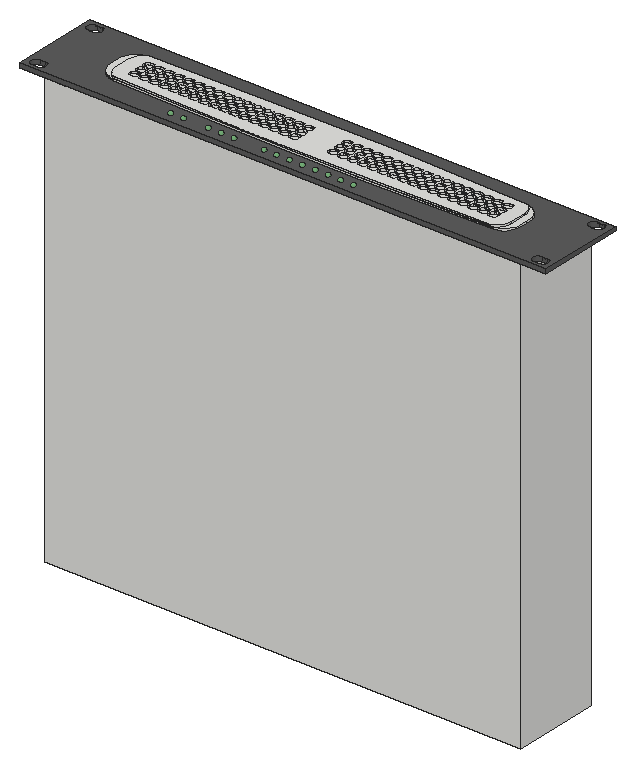
Revit family "Electronics_Amplifiers_Biamp_Vocia_Networked_VA-4300CV___", category Communication Devices, host Face, Revit 2020 (continued)
Forms (in)
  Extrusion 2, solid, material "Biamp - Metal - Silver" <- "Housing Material", detail levels medium+fine
    sketch origin (10.03141, -1.75, -6.93265) x (1, 0, 0) y (0, 1, 0)
      loop
        line (6.75512, 1.72508) -> (6.83383, 1.72508)
        arc (6.83383, 1.72508) -> (6.9326, 1.76599) -> (6.97351, 1.86476) r 0.13968
        line (6.97351, 1.86476) -> (6.97351, 1.90574)
        arc (6.97351, 1.90574) -> (6.93442, 2.00013) -> (6.84003, 2.03922) r 0.13348
        line (6.84003, 2.03922) -> (6.74892, 2.03922)
        arc (6.74892, 2.03922) -> (6.65454, 2.00013) -> (6.61544, 1.90574) r 0.13348
      loop
        line (7.01544, 1.90574) -> (7.01544, 1.86476)
        arc (7.01544, 1.86476) -> (7.05635, 1.76599) -> (7.15512, 1.72508) r 0.13968
        line (7.15512, 1.72508) -> (7.23383, 1.72508)
        arc (7.23383, 1.72508) -> (7.3326, 1.76599) -> (7.37351, 1.86476) r 0.13968
        line (7.37351, 1.86476) -> (7.37351, 1.90574)
        arc (7.37351, 1.90574) -> (7.33442, 2.00013) -> (7.24003, 2.03922) r 0.13348
        line (7.24003, 2.03922) -> (7.14892, 2.03922)
        arc (7.14892, 2.03922) -> (7.05454, 2.00013) -> (7.01544, 1.90574) r 0.13348
      loop
        line (0.61544, 1.55574) -> (0.61544, 1.51476)
        arc (0.61544, 1.51476) -> (0.65635, 1.41599) -> (0.75512, 1.37508) r 0.13968
        line (0.75512, 1.37508) -> (0.83383, 1.37508)
        arc (0.83383, 1.37508) -> (0.9326, 1.41599) -> (0.97351, 1.51476) r 0.13968
        line (0.97351, 1.51476) -> (0.97351, 1.55574)
        arc (0.97351, 1.55574) -> (0.93442, 1.65013) -> (0.84003, 1.68922) r 0.13348
        line (0.84003, 1.68922) -> (0.74892, 1.68922)
        arc (0.74892, 1.68922) -> (0.65454, 1.65013) -> (0.61544, 1.55574) r 0.13348
      loop
        line (1.01544, 1.55574) -> (1.01544, 1.51476)
        arc (1.01544, 1.51476) -> (1.05635, 1.41599) -> (1.15512, 1.37508) r 0.13968
        line (1.15512, 1.37508) -> (1.23383, 1.37508)
        arc (1.23383, 1.37508) -> (1.3326, 1.41599) -> (1.37351, 1.51476) r 0.13968
        line (1.37351, 1.51476) -> (1.37351, 1.55574)
        arc (1.37351, 1.55574) -> (1.33442, 1.65013) -> (1.24003, 1.68922) r 0.13348
        line (1.24003, 1.68922) -> (1.14892, 1.68922)
        arc (1.14892, 1.68922) -> (1.05454, 1.65013) -> (1.01544, 1.55574) r 0.13348
      loop
        line (1.41544, 1.55574) -> (1.41544, 1.51476)
        arc (1.41544, 1.51476) -> (1.45635, 1.41599) -> (1.55512, 1.37508) r 0.13968
        line (1.55512, 1.37508) -> (1.63383, 1.37508)
        arc (1.63383, 1.37508) -> (1.7326, 1.41599) -> (1.77351, 1.51476) r 0.13968
        line (1.77351, 1.51476) -> (1.77351, 1.55574)
        arc (1.77351, 1.55574) -> (1.73442, 1.65013) -> (1.64003, 1.68922) r 0.13348
        line (1.64003, 1.68922) -> (1.54892, 1.68922)
        arc (1.54892, 1.68922) -> (1.45454, 1.65013) -> (1.41544, 1.55574) r 0.13348
      loop
        line (1.81544, 1.55574) -> (1.81544, 1.51476)
        arc (1.81544, 1.51476) -> (1.85635, 1.41599) -> (1.95512, 1.37508) r 0.13968
        line (1.95512, 1.37508) -> (2.03383, 1.37508)
        arc (2.03383, 1.37508) -> (2.1326, 1.41599) -> (2.17351, 1.51476) r 0.13968
        line (2.17351, 1.51476) -> (2.17351, 1.55574)
        arc (2.17351, 1.55574) -> (2.13442, 1.65013) -> (2.04003, 1.68922) r 0.13348
        line (2.04003, 1.68922) -> (1.94892, 1.68922)
        arc (1.94892, 1.68922) -> (1.85454, 1.65013) -> (1.81544, 1.55574) r 0.13348
      loop
        line (2.21544, 1.55574) -> (2.21544, 1.51476)
        arc (2.21544, 1.51476) -> (2.25635, 1.41599) -> (2.35512, 1.37508) r 0.13968
        line (2.35512, 1.37508) -> (2.43383, 1.37508)
        arc (2.43383, 1.37508) -> (2.5326, 1.41599) -> (2.57351, 1.51476) r 0.13968
        line (2.57351, 1.51476) -> (2.57351, 1.55574)
        arc (2.57351, 1.55574) -> (2.53442, 1.65013) -> (2.44003, 1.68922) r 0.13348
        line (2.44003, 1.68922) -> (2.34892, 1.68922)
        arc (2.34892, 1.68922) -> (2.25454, 1.65013) -> (2.21544, 1.55574) r 0.13348
      loop
        line (2.61544, 1.55574) -> (2.61544, 1.51476)
        arc (2.61544, 1.51476) -> (2.65635, 1.41599) -> (2.75512, 1.37508) r 0.13968
        line (2.75512, 1.37508) -> (2.83383, 1.37508)
        arc (2.83383, 1.37508) -> (2.9326, 1.41599) -> (2.97351, 1.51476) r 0.13968
        line (2.97351, 1.51476) -> (2.97351, 1.55574)
        arc (2.97351, 1.55574) -> (2.93442, 1.65013) -> (2.84003, 1.68922) r 0.13348
        line (2.84003, 1.68922) -> (2.74892, 1.68922)
        arc (2.74892, 1.68922) -> (2.65454, 1.65013) -> (2.61544, 1.55574) r 0.13348
      loop
        line (3.01544, 1.55574) -> (3.01544, 1.51476)
        arc (3.01544, 1.51476) -> (3.05635, 1.41599) -> (3.15512, 1.37508) r 0.13968
        line (3.15512, 1.37508) -> (3.23383, 1.37508)
        arc (3.23383, 1.37508) -> (3.3326, 1.41599) -> (3.37351, 1.51476) r 0.13968
        line (3.37351, 1.51476) -> (3.37351, 1.55574)
        arc (3.37351, 1.55574) -> (3.33442, 1.65013) -> (3.24003, 1.68922) r 0.13348
        line (3.24003, 1.68922) -> (3.14892, 1.68922)
        arc (3.14892, 1.68922) -> (3.05454, 1.65013) -> (3.01544, 1.55574) r 0.13348
      loop
        line (3.41544, 1.55574) -> (3.41544, 1.51476)
        arc (3.41544, 1.51476) -> (3.45635, 1.41599) -> (3.55512, 1.37508) r 0.13968
        line (3.55512, 1.37508) -> (3.63383, 1.37508)
        arc (3.63383, 1.37508) -> (3.7326, 1.41599) -> (3.77351, 1.51476) r 0.13968
        line (3.77351, 1.51476) -> (3.77351, 1.55574)
        arc (3.77351, 1.55574) -> (3.73442, 1.65013) -> (3.64003, 1.68922) r 0.13348
        line (3.64003, 1.68922) -> (3.54892, 1.68922)
        arc (3.54892, 1.68922) -> (3.45454, 1.65013) -> (3.41544, 1.55574) r 0.13348
      loop
        line (3.81544, 1.55574) -> (3.81544, 1.51476)
        arc (3.81544, 1.51476) -> (3.85635, 1.41599) -> (3.95512, 1.37508) r 0.13968
        line (3.95512, 1.37508) -> (4.03383, 1.37508)
        arc (4.03383, 1.37508) -> (4.1326, 1.41599) -> (4.17351, 1.51476) r 0.13968
        line (4.17351, 1.51476) -> (4.17351, 1.55574)
        arc (4.17351, 1.55574) -> (4.13442, 1.65013) -> (4.04003, 1.68922) r 0.13348
        line (4.04003, 1.68922) -> (3.94892, 1.68922)
        arc (3.94892, 1.68922) -> (3.85454, 1.65013) -> (3.81544, 1.55574) r 0.13348
      loop
        line (4.21544, 1.55574) -> (4.21544, 1.51476)
        arc (4.21544, 1.51476) -> (4.25635, 1.41599) -> (4.35512, 1.37508) r 0.13968
        line (4.35512, 1.37508) -> (4.43383, 1.37508)
        arc (4.43383, 1.37508) -> (4.5326, 1.41599) -> (4.57351, 1.51476) r 0.13968
        line (4.57351, 1.51476) -> (4.57351, 1.55574)
        arc (4.57351, 1.55574) -> (4.53442, 1.65013) -> (4.44003, 1.68922) r 0.13348
        line (4.44003, 1.68922) -> (4.34892, 1.68922)
        arc (4.34892, 1.68922) -> (4.25454, 1.65013) -> (4.21544, 1.55574) r 0.13348
      loop
        line (4.61544, 1.55574) -> (4.61544, 1.51476)
        arc (4.61544, 1.51476) -> (4.65635, 1.41599) -> (4.75512, 1.37508) r 0.13968
        line (4.75512, 1.37508) -> (4.83383, 1.37508)
        arc (4.83383, 1.37508) -> (4.9326, 1.41599) -> (4.97351, 1.51476) r 0.13968
        line (4.97351, 1.51476) -> (4.97351, 1.55574)
        arc (4.97351, 1.55574) -> (4.93442, 1.65013) -> (4.84003, 1.68922) r 0.13348
        line (4.84003, 1.68922) -> (4.74892, 1.68922)
        arc (4.74892, 1.68922) -> (4.65454, 1.65013) -> (4.61544, 1.55574) r 0.13348
      loop
        line (5.01544, 1.55574) -> (5.01544, 1.51476)
        arc (5.01544, 1.51476) -> (5.05635, 1.41599) -> (5.15512, 1.37508) r 0.13968
        line (5.15512, 1.37508) -> (5.23383, 1.37508)
        arc (5.23383, 1.37508) -> (5.3326, 1.41599) -> (5.37351, 1.51476) r 0.13968
        line (5.37351, 1.51476) -> (5.37351, 1.55574)
        arc (5.37351, 1.55574) -> (5.33442, 1.65013) -> (5.24003, 1.68922) r 0.13348
        line (5.24003, 1.68922) -> (5.14892, 1.68922)
        arc (5.14892, 1.68922) -> (5.05454, 1.65013) -> (5.01544, 1.55574) r 0.13348
      loop
        line (5.41544, 1.55574) -> (5.41544, 1.51476)
        arc (5.41544, 1.51476) -> (5.45635, 1.41599) -> (5.55512, 1.37508) r 0.13968
        line (5.55512, 1.37508) -> (5.63383, 1.37508)
        arc (5.63383, 1.37508) -> (5.7326, 1.41599) -> (5.77351, 1.51476) r 0.13968
        line (5.77351, 1.51476) -> (5.77351, 1.55574)
        arc (5.77351, 1.55574) -> (5.73442, 1.65013) -> (5.64003, 1.68922) r 0.13348
        line (5.64003, 1.68922) -> (5.54892, 1.68922)
        arc (5.54892, 1.68922) -> (5.45454, 1.65013) -> (5.41544, 1.55574) r 0.13348
      loop
        line (5.81544, 1.55574) -> (5.81544, 1.51476)
        arc (5.81544, 1.51476) -> (5.85635, 1.41599) -> (5.95512, 1.37508) r 0.13968
        line (5.95512, 1.37508) -> (6.03383, 1.37508)
        arc (6.03383, 1.37508) -> (6.1326, 1.41599) -> (6.17351, 1.51476) r 0.13968
        line (6.17351, 1.51476) -> (6.17351, 1.55574)
        arc (6.17351, 1.55574) -> (6.13442, 1.65013) -> (6.04003, 1.68922) r 0.13348
        line (6.04003, 1.68922) -> (5.94892, 1.68922)
        arc (5.94892, 1.68922) -> (5.85454, 1.65013) -> (5.81544, 1.55574) r 0.13348
      loop
        line (6.21544, 1.55574) -> (6.21544, 1.51476)
        arc (6.21544, 1.51476) -> (6.25635, 1.41599) -> (6.35512, 1.37508) r 0.13968
        line (6.35512, 1.37508) -> (6.43383, 1.37508)
        arc (6.43383, 1.37508) -> (6.5326, 1.41599) -> (6.57351, 1.51476) r 0.13968
        line (6.57351, 1.51476) -> (6.57351, 1.55574)
        arc (6.57351, 1.55574) -> (6.53442, 1.65013) -> (6.44003, 1.68922) r 0.13348
        line (6.44003, 1.68922) -> (6.34892, 1.68922)
        arc (6.34892, 1.68922) -> (6.25454, 1.65013) -> (6.21544, 1.55574) r 0.13348
      loop
        line (6.61544, 1.55574) -> (6.61544, 1.51476)
        arc (6.61544, 1.51476) -> (6.65635, 1.41599) -> (6.75512, 1.37508) r 0.13968
        line (6.75512, 1.37508) -> (6.83383, 1.37508)
        arc (6.83383, 1.37508) -> (6.9326, 1.41599) -> (6.97351, 1.51476) r 0.13968
        line (6.97351, 1.51476) -> (6.97351, 1.55574)
        arc (6.97351, 1.55574) -> (6.93442, 1.65013) -> (6.84003, 1.68922) r 0.13348
        line (6.84003, 1.68922) -> (6.74892, 1.68922)
        arc (6.74892, 1.68922) -> (6.65454, 1.65013) -> (6.61544, 1.55574) r 0.13348
      loop
        line (7.01544, 1.55574) -> (7.01544, 1.51476)
        arc (7.01544, 1.51476) -> (7.05635, 1.41599) -> (7.15512, 1.37508) r 0.13968
        line (7.15512, 1.37508) -> (7.23383, 1.37508)
        arc (7.23383, 1.37508) -> (7.3326, 1.41599) -> (7.37351, 1.51476) r 0.13968
        line (7.37351, 1.51476) -> (7.37351, 1.55574)
        arc (7.37351, 1.55574) -> (7.33442, 1.65013) -> (7.24003, 1.68922) r 0.13348
        line (7.24003, 1.68922) -> (7.14892, 1.68922)
        arc (7.14892, 1.68922) -> (7.05454, 1.65013) -> (7.01544, 1.55574) r 0.13348
    from 7.16 to 7.21
  Extrusion 3, solid, material "Biamp - Metal - Silver" <- "Housing Material"
    sketch origin (10.03141, -1.75, -6.93265) x (1, 0, 0) y (0, 0, -1)
      loop
        line (-9.5, 10.40039) -> (-9.5, -6.93265) -> (9.5, -6.93265) -> (9.5, 10.40039) -> (-9.5, 10.40039)
    from 0 to 3.5
  Extrusion 4, void
    sketch origin (10.03141, -1.75, -6.93265) x (1, 0, 0) y (0, 1, 0)
      loop
        line (1.83252, 1.83425) -> (2.45752, 1.83425) -> (2.45752, 2.33425) -> (1.83252, 2.33425) -> (1.83252, 1.83425)
      loop
        line (1.17627, 1.83425) -> (1.80127, 1.83425) -> (1.80127, 2.33425) -> (1.17627, 2.33425) -> (1.17627, 1.83425)
      loop
        line (8.96366, 1.21315) -> (7.75037, 1.21315) -> (7.75037, 0.39198) -> (8.96366, 0.39198) -> (8.96366, 1.21315)
      loop
        line (8.96366, 2.90889) -> (8.12299, 2.90889) -> (8.12299, 2.33425) -> (8.96366, 2.33425) -> (8.96366, 2.90889)
      loop
        line (8.116, 2.90889) -> (7.27534, 2.90889) -> (7.27534, 2.33425) -> (8.116, 2.33425) -> (8.116, 2.90889)
      loop
        line (-0.92505, 1.83425) -> (-0.22636, 1.83425) -> (-0.22636, 2.24931) -> (-0.92505, 2.24931) -> (-0.92505, 1.83425)
      loop
        line (1.56863, 0.39198) -> (2.45911, 0.39198) -> (2.45911, 0.6651) -> (1.56863, 0.6651) -> (1.56863, 0.39198)
      loop
        line (-1.11684, 0.39198) -> (-0.22636, 0.39198) -> (-0.22636, 0.6651) -> (-1.11684, 0.6651) -> (-1.11684, 0.39198)
      loop
        line (-3.99184, 0.39198) -> (-3.10136, 0.39198) -> (-3.10136, 0.6651) -> (-3.99184, 0.6651) -> (-3.99184, 0.39198)
      loop
        line (-6.81996, 0.39198) -> (-5.92949, 0.39198) -> (-5.92949, 0.6651) -> (-6.81996, 0.6651) -> (-6.81996, 0.39198)
      loop
        line (-2.0342, 1.83425) -> (-2.0342, 2.12012) -> (-3.43366, 2.12012) -> (-3.43366, 1.83425) -> (-2.0342, 1.83425)
      loop
        line (-3.54792, 1.83425) -> (-3.54792, 2.12012) -> (-4.94737, 2.12012) -> (-4.94737, 1.83425) -> (-3.54792, 1.83425)
    from -10.40039 to -10.07797
  Extrusion 5, solid, material "Biamp - Metal - Black"
    sketch origin (10.03141, -1.75, -6.93265) x (1, 0, 0) y (0, 1, 0)
      loop
        line (10.5, 3.5) -> (-10.5, 3.5) -> (-10.5, 0) -> (10.5, 0) -> (10.5, 3.5)
    from 6.93304 to 7.09961
  Extrusion 6, void
    sketch origin (10.03141, -1.75, -6.93265) x (1, 0, 0) y (0, 1, 0)
      loop
        line (-9.92734, 3.35832) -> (-10.13549, 3.35832)
        arc (-10.13549, 3.35832) -> (-10.3376, 3.15621) -> (-10.13549, 2.95409) r 0.20212
        line (-10.13549, 2.95409) -> (-9.92734, 2.95409)
        arc (-9.92734, 2.95409) -> (-9.72522, 3.15621) -> (-9.92734, 3.35832) r 0.20212
      loop
        line (-9.92734, 0.54582) -> (-10.13549, 0.54582)
        arc (-10.13549, 0.54582) -> (-10.3376, 0.34371) -> (-10.13549, 0.14159) r 0.20212
        line (-10.13549, 0.14159) -> (-9.92734, 0.14159)
        arc (-9.92734, 0.14159) -> (-9.72522, 0.34371) -> (-9.92734, 0.54582) r 0.20212
      loop
        line (10.13458, 3.35788) -> (9.92643, 3.35788)
        arc (9.92643, 3.35788) -> (9.72431, 3.15576) -> (9.92643, 2.95365) r 0.20212
        line (9.92643, 2.95365) -> (10.13458, 2.95365)
        arc (10.13458, 2.95365) -> (10.33669, 3.15576) -> (10.13458, 3.35788) r 0.20212
      loop
        line (10.13458, 0.54538) -> (9.92643, 0.54538)
        arc (9.92643, 0.54538) -> (9.72431, 0.34326) -> (9.92643, 0.14115) r 0.20212
        line (9.92643, 0.14115) -> (10.13458, 0.14115)
        arc (10.13458, 0.14115) -> (10.33669, 0.34326) -> (10.13458, 0.54538) r 0.20212
    from 6.93304 to 7.10661
  Revolve 7, solid, material "Biamp - Plastic - Green", detail levels fine
    sketch origin (22.71706, -1.3207, 0) x (-1, 0, 0) y (0, 0, -1)
      loop
        line (15.06198, -0.16696) -> (14.9045, -0.16696)
        arc (14.9045, -0.16696) -> (14.98324, -0.2457) -> (15.06198, -0.16696) r 0.07874
      loop
        line (15.57383, -0.16696) -> (15.41635, -0.16696)
        arc (15.41635, -0.16696) -> (15.49509, -0.2457) -> (15.57383, -0.16696) r 0.07874
      loop
        line (16.08554, -0.16696) -> (15.92806, -0.16696)
        arc (15.92806, -0.16696) -> (16.0068, -0.2457) -> (16.08554, -0.16696) r 0.07874
      loop
        line (17.59038, -0.16696) -> (17.4329, -0.16696)
        arc (17.4329, -0.16696) -> (17.51164, -0.2457) -> (17.59038, -0.16696) r 0.07874
      loop
        line (13.86138, -0.16696) -> (13.7039, -0.16696)
        arc (13.7039, -0.16696) -> (13.78264, -0.2457) -> (13.86138, -0.16696) r 0.07874
      loop
        line (13.34949, -0.16696) -> (13.19201, -0.16696)
        arc (13.19201, -0.16696) -> (13.27075, -0.2457) -> (13.34949, -0.16696) r 0.07874
      loop
        line (12.8376, -0.16696) -> (12.68012, -0.16696)
        arc (12.68012, -0.16696) -> (12.75886, -0.2457) -> (12.8376, -0.16696) r 0.07874
      loop
        line (12.32571, -0.16696) -> (12.16823, -0.16696)
        arc (12.16823, -0.16696) -> (12.24697, -0.2457) -> (12.32571, -0.16696) r 0.07874
      loop
        line (11.81382, -0.16696) -> (11.65634, -0.16696)
        arc (11.65634, -0.16696) -> (11.73508, -0.2457) -> (11.81382, -0.16696) r 0.07874
      loop
        line (11.30193, -0.16696) -> (11.14445, -0.16696)
        arc (11.14445, -0.16696) -> (11.22319, -0.2457) -> (11.30193, -0.16696) r 0.07874
      loop
        line (17.07867, -0.16696) -> (16.92119, -0.16696)
        arc (16.92119, -0.16696) -> (16.99993, -0.2457) -> (17.07867, -0.16696) r 0.07874
      loop
        line (10.79004, -0.16696) -> (10.63256, -0.16696)
        arc (10.63256, -0.16696) -> (10.7113, -0.2457) -> (10.79004, -0.16696) r 0.07874
      loop
        line (10.27815, -0.16696) -> (10.12067, -0.16696)
        arc (10.12067, -0.16696) -> (10.19941, -0.2457) -> (10.27815, -0.16696) r 0.07874
      axis (17.59038, -0.16696) -> (10.12067, -0.16696)
    angle from 90 to -90
Cuts and joins
  Extrusion 4 cuts Extrusion 3
  Extrusion 6 cuts Extrusion 5
Lines and regions (in)
  Masking region 1
    outline origin (0, 0, 0) x (1, 0, 0) y (0, 0, 1)
      loop
        line (0.53141, -17.33304) -> (19.53141, -17.33304) -> (19.53141, 0) -> (20.53141, 0) -> (20.53141, 0.16696) -> (-0.46859, 0.16696) -> (-0.46859, 0.00039) -> (0.53141, 0.00039) -> (0.53141, -17.33304)
  Masking region 2, detail levels medium+fine
    outline origin (0, 0, 0) x (1, 0, 0) y (0, 0, 1)
      loop
        line (1.83615, 0.16696) -> (18.22668, 0.16696) -> (18.22668, 0.22735) -> (17.92551, 0.22735) -> (17.92551, 0.27735) -> (2.13732, 0.27735) -> (2.13732, 0.22735) -> (1.83615, 0.22735) -> (1.83615, 0.16696)
  symbolic lines
    curve 1: line (20.53141, 0, 0) -> (-0.46859, 0, 0)
  symbolic lines, detail levels medium+fine
    curve 2: line (2.13732, 0, 0.22735) -> (17.92551, 0, 0.22735)
Dimensions and locks (in)
  aligned and locked: plane 2 to host face
  aligned and locked: level to host face
Connectors (in)
  electrical at (18.38843, -0.94744, -17.01062), driven by "Number of Poles", driven by "Voltage", driven by "Apparent Load", driven by "Power Factor", driven by "Connector Description"
    settings: on cut or joined group of Extrusion 3, Extrusion 4, index 1, voltage 120 V, apparent load 0 VA, apparent load phase1 432 VA, apparent load phase2 0 VA, apparent load phase3 0 VA, power factor 1, load classification "Other", number of poles 1, system type 31, power factor state 1, is connector primary yes, connector utility no, sub classification motor no, connector description "100-240VAC; 50/60Hz; 3.6-1.5A"
  electrical at (18.57474, 0.87157, -17.01062), driven by "Number of Poles", driven by "Apparent Load", driven by "Power Factor"
    settings: on cut or joined group of Extrusion 3, Extrusion 4, index 2, voltage 48 V, apparent load 432 VA, apparent load phase1 0 VA, apparent load phase2 0 VA, apparent load phase3 0 VA, power factor 1, load classification "Other", number of poles 1, system type 30, power factor state 1, is connector primary no, connector utility no, sub classification motor no, connector description "Auxiliary Power 2; 48V DC"
  electrical at (17.72708, 0.87157, -17.01062), driven by "Number of Poles", driven by "Apparent Load", driven by "Power Factor"
    settings: on cut or joined group of Extrusion 3, Extrusion 4, index 3, voltage 48 V, apparent load 432 VA, apparent load phase1 0 VA, apparent load phase2 0 VA, apparent load phase3 0 VA, power factor 1, load classification "Other", number of poles 1, system type 30, power factor state 1, is connector primary no, connector utility no, sub classification motor no, connector description "Auxiliary Power 1; 48V DC"
  electrical at (12.17644, 0.33425, -17.01062)
    settings: on cut or joined group of Extrusion 3, Extrusion 4, index 4, voltage 0 V, apparent load 0 VA, apparent load phase1 0 VA, apparent load phase2 0 VA, apparent load phase3 0 VA, power factor 1, load classification "Other", number of poles 1, system type 5, power factor state 1, is connector primary no, connector utility no, sub classification motor no, connector description "RJ-45; Primary"
  electrical at (11.52019, 0.33425, -17.01062)
    settings: on cut or joined group of Extrusion 3, Extrusion 4, index 5, voltage 0 V, apparent load 0 VA, apparent load phase1 0 VA, apparent load phase2 0 VA, apparent load phase3 0 VA, power factor 1, load classification "Other", number of poles 1, system type 5, power factor state 1, is connector primary no, connector utility no, sub classification motor no, connector description "RJ-45; Secondary"
  electrical at (12.04528, -1.22146, -17.01062)
    settings: on cut or joined group of Extrusion 3, Extrusion 4, index 6, voltage 0 V, apparent load 0 VA, apparent load phase1 0 VA, apparent load phase2 0 VA, apparent load phase3 0 VA, power factor 1, load classification "Other", number of poles 1, system type 5, power factor state 1, is connector primary no, connector utility no, sub classification motor no, connector description "Output 4; 300W 70V/100V"
  electrical at (9.35982, -1.22146, -17.01062)
    settings: on cut or joined group of Extrusion 3, Extrusion 4, index 7, voltage 0 V, apparent load 0 VA, apparent load phase1 0 VA, apparent load phase2 0 VA, apparent load phase3 0 VA, power factor 1, load classification "Other", number of poles 1, system type 5, power factor state 1, is connector primary no, connector utility no, sub classification motor no, connector description "Output 3; 300W 70V/100V"
  electrical at (9.45571, 0.29178, -17.01062)
    settings: on cut or joined group of Extrusion 3, Extrusion 4, index 8, voltage 0 V, apparent load 0 VA, apparent load phase1 0 VA, apparent load phase2 0 VA, apparent load phase3 0 VA, power factor 1, load classification "Other", number of poles 1, system type 5, power factor state 1, is connector primary no, connector utility no, sub classification motor no, connector description "Failover"
  electrical at (7.29748, 0.22719, -17.01062)
    settings: on cut or joined group of Extrusion 3, Extrusion 4, index 9, voltage 0 V, apparent load 0 VA, apparent load phase1 0 VA, apparent load phase2 0 VA, apparent load phase3 0 VA, power factor 1, load classification "Other", number of poles 1, system type 5, power factor state 1, is connector primary no, connector utility no, sub classification motor no, connector description "Page Active Relay (x2)"
  electrical at (5.78377, 0.22719, -17.01062)
    settings: on cut or joined group of Extrusion 3, Extrusion 4, index 10, voltage 0 V, apparent load 0 VA, apparent load phase1 0 VA, apparent load phase2 0 VA, apparent load phase3 0 VA, power factor 1, load classification "Other", number of poles 1, system type 5, power factor state 1, is connector primary no, connector utility no, sub classification motor no, connector description "Page Active Relay (x2)"
  electrical at (6.48482, -1.22146, -17.01062)
    settings: on cut or joined group of Extrusion 3, Extrusion 4, index 11, voltage 0 V, apparent load 0 VA, apparent load phase1 0 VA, apparent load phase2 0 VA, apparent load phase3 0 VA, power factor 1, load classification "Other", number of poles 1, system type 5, power factor state 1, is connector primary no, connector utility no, sub classification motor no, connector description "Output 2; 300W 70V/100V"
  electrical at (3.65669, -1.22146, -17.01062)
    settings: on cut or joined group of Extrusion 3, Extrusion 4, index 12, voltage 0 V, apparent load 0 VA, apparent load phase1 0 VA, apparent load phase2 0 VA, apparent load phase3 0 VA, power factor 1, load classification "Other", number of poles 1, system type 5, power factor state 1, is connector primary no, connector utility no, sub classification motor no, connector description "Output 1; 300W 70V/100V"
